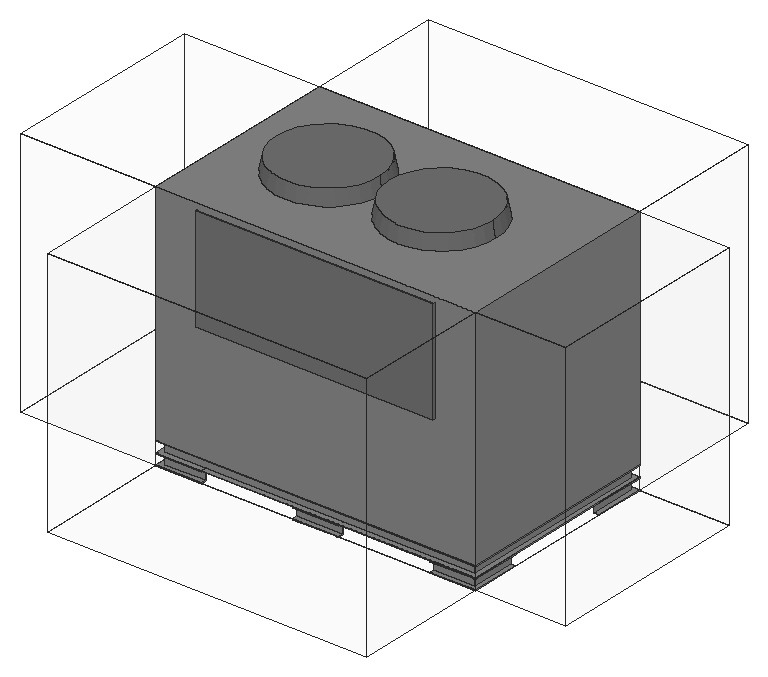
Revit family "Air Source 250", category Mechanical Equipment, Revit 2017
Family settings
  Round Connector Dimension = Use Diameter
  Part Type = Normal
  Work Plane-Based = No
  Always vertical = Yes
  Cut with Voids When Loaded = No
  Shared = No
  Room Calculation Point = No
Parameters (values of type "250 Axial")
  Water from Left = 75 1/2"
  Water Out from Bottom = 26 1/2"
  Water In from Bottom = 9 1/2"
  WATER CONN SIZE = 2"
  WEIGHT = "2,175"
  URL = "https://www.lochinvar.com/products/commercial-heat-pump-water-heaters/air-source-heat-pump-water-heaters/"
  UNIT WIDTH = 54 3/8"
  Unit Top Panel Depth = 1 5/8"
  UNIT LENGTH = 84 5/8"
  SES BIM Studio # = "21 0649 02"
  Model = ""
  Manufacturer = "Lochinvar"
  Lbs.R134a = "50"
  Fan Outer Dia = 29"
  Fan Inner Dia = Fan Outer Dia - 1 5/8"  # 27 3/8"
  Fan/Blower Depth = 3 7/8"
  Fans = yes
  FLOW RATE (GPM) = "50"
  Evap Top from Bottom = 64 1/2"
  Evap Right from Left = 10 7/8"
  Evap Left from Left = 73 3/4"
  Evap Bottom from Bottom = 37"
  Description = "Air Source Heat Pump Water Heater"
  Condensate from Left = 5 1/2"
  Condensate from Bottom = 16"
  Compressor Type = "Piston"
  CONDENSATE CONN SIZE = 2"
  Clearance Right = 24"
  Clearance Left = 36"
  Clearance Front = 36"
  Clearance Back = 36"
  Clearance [instance] = yes
  UNIT HEIGHT = 70"
  Blowers = no
  BTUH Heating = "272,450"
  BTUH Cooling = "218,000"
  Air Volume (CFM) = "8,000"
  575V/3PH/60HZ RLA = "40.9"
  575V/3PH/60HZ MOCP = "60"
  575V/3PH/60HZ MCA = "50"
  440V-480V/3PH/60HZ RLA = "49.1"
  440V-480V/3PH/60HZ MOCP = "70"
  440V-480V/3PH/60HZ MCA = "60"
  208V-230V/3PH/60HZ RLA = "95.4"
  208V-230V/3PH/60HZ MOCP = "125"
  208V-230V/3PH/60HZ MCA = "119"
  208V-230V/1PH/60HZ RLA = "-"
  208V-230V/1PH/60HZ MOCP = "-"
  208V-230V/1PH/60HZ MCA = "-"
Types (3): name | Model | Fan/Blower Depth | Fans | UNIT HEIGHT | Blowers | 575V/3PH/60HZ RLA | 575V/3PH/60HZ MCA | 440V-480V/3PH/60HZ RLA | 440V-480V/3PH/60HZ MCA | 208V-230V/3PH/60HZ RLA | 208V-230V/3PH/60HZ MOCP | 208V-230V/3PH/60HZ MCA
  (no name) | "" | 3 7/8" | yes | 70" | no | "40.9" | "50" | "49.1" | "60" | "95.4" | "125" | "119"
  250 Axial | "" | 3 7/8" | yes | 70" | no | "40.9" | "50" | "49.1" | "60" | "95.4" | "125" | "119"
  250 Blower | "AHP250" | 1 5/8" | no | 67 3/4" | yes | "44.2" | "54" | "52.8" | "65" | "106.2" | "150" | "129"
Reference planes (in)
  plane 1 "Unit Back": y = 0
  plane 2: z = 0
  plane 3 "Center (Left/Right)": x = 0
  plane 4 "Unit Left": x = -42.3125
  plane 5 "Unit Right": x = 42.3125
  plane 6 "Unit Front": y = -54.375
  plane 7 "Unit Top": z = 66.125
  plane 8 "Base Channels Top": z = 3
  plane 9: z = 26.5
  plane 10: z = 9.5
  plane 11: x = 33.1875
  plane 12: z = 64.5
  plane 13 "Evap Right": x = -31.4375
  plane 14 "Evap Left": x = 31.4375
  plane 15 "Evap Top": z = 64.5
  plane 16: x = 66.3125
  plane 17: x = -78.3125
  plane 18: y = 36
  plane 19: y = -90.375
  plane 20 "Fan/Blower Top": z = 70
  plane 21 "Unit Bottom": z = 6
  plane 22: z = 16
  plane 23: x = -36.8125
  plane 24 "Evap Bottom": z = 37
Forms (in)
  Extrusion 1, solid
    sketch origin (0, 0, 6) x (-1, 0, 0) y (0, -1, 0)
      loop
        line (42.3125, 0) -> (42.3125, 54.375) -> (-42.3125, 54.375) -> (-42.3125, 0) -> (42.3125, 0)
    from 0 to 60.125
  Extrusion 2, solid
    sketch origin (-42.3125, 0, 6) x (1, 0, 0) y (0, 0, -1)
      loop
        circle (75.5, -20.5) r 1
      loop
        circle (75.5, -3.5) r 1
    from 0 to 1.375
  Extrusion 3, solid, material "Electrical Panel"
    sketch origin (-42.3125, -29.03804, 1.50835) x (0, 1, 0) y (0, 0, -1)
      loop
        line (26.53804, -62.99165) -> (26.53804, -35.49165) -> (-22.83696, -35.49165) -> (-22.83696, -62.99165) -> (26.53804, -62.99165)
    from 0 to 0.5
  Extrusion 4, solid, material "Fan/Blower/Evaporator"
    sketch origin (-42.3125, 0, 6) x (1, 0, 0) y (0, 0, -1)
      loop
        line (73.75, -58.5) -> (73.75, -31) -> (10.875, -31) -> (10.875, -58.5) -> (73.75, -58.5)
    from 0 to 0.5
  Extrusion 5, solid, material "Controls Cover"
    sketch origin (-42.8125, -26.97554, -10.49165) x (0, 1, 0) y (0, 0, -1)
      loop
        line (-8.18171, -70.74165) -> (-7.08821, -69.64815) -> (-7.08821, -60.90015) -> (-8.18171, -59.80665) -> (-16.92971, -59.80665) -> (-18.02321, -60.90015) -> (-18.02321, -69.64815) -> (-16.92971, -70.74165) -> (-8.18171, -70.74165)
    from 0 to 0.5
  Extrusion 6, solid
    sketch origin (-11.86475, 0, 24.56896) x (1, 0, 0) y (0, 0, -1)
      loop
        circle (-24.94775, 8.56896) r 1
    from 0 to 1.375
  Extrusion 7, solid, material "Clearance", visible <- "Clearance"
    sketch origin (-69.375, 0, 0) x (1, 0, 0) y (0, 1, 0)
      loop
        line (-8.9375, 0) -> (-8.9375, -54.375) -> (27.0625, -54.375) -> (27.0625, 0) -> (-8.9375, 0)
    from 0 to 66.125
  Extrusion 8, solid, material "Clearance", visible <- "Clearance"
    sketch origin (0, 0, 0) x (1, 0, 0) y (0, 1, 0)
      loop
        line (42.3125, 0) -> (42.3125, -54.375) -> (66.3125, -54.375) -> (66.3125, 0) -> (42.3125, 0)
    from 0 to 66.125
  Extrusion 9, solid, material "Clearance", visible <- "Clearance"
    sketch origin (-45.375, 24, 0) x (1, 0, 0) y (0, 1, 0)
      loop
        line (3.0625, 12) -> (3.0625, -24) -> (87.6875, -24) -> (87.6875, 12) -> (3.0625, 12)
    from 0 to 66.125
  Extrusion 10, solid, material "Clearance", visible <- "Clearance"
    sketch origin (-45.375, -30, 0) x (1, 0, 0) y (0, 1, 0)
      loop
        line (3.0625, -24.375) -> (3.0625, -60.375) -> (87.6875, -60.375) -> (87.6875, -24.375) -> (3.0625, -24.375)
    from 0 to 66.125
  Blend 11, solid, material "Fan/Blower/Evaporator", visible <- "Fans"
    base sketch origin (1.76977, -12.98292, 66.125) x (-1, 0, 0) y (0, -1, 0)
      loop
        circle (20.20727, 14.20458) r 14.5
    top sketch origin (1.76977, -12.98292, 66.125) x (-1, 0, 0) y (0, -1, 0)
      loop
        circle (20.20727, 14.20458) r 13.6875
    from 0 to 3.875
  Blend 12, solid, material "Fan/Blower/Evaporator", visible <- "Fans"
    base sketch origin (31.76977, -12.98292, 66.125) x (-1, 0, 0) y (0, -1, 0)
      loop
        circle (20.20727, 14.20458) r 14.5
    top sketch origin (31.76977, -12.98292, 66.125) x (-1, 0, 0) y (0, -1, 0)
      loop
        circle (20.20727, 14.20458) r 13.6875
    from 0 to 3.875
  Sweep 13, solid
    path origin (0, 0, 0) x (1, 0, 0) y (0, 1, 0)
      loop
        line (-42.3125, -13.375) -> (-42.3125, 0) -> (-30.3125, 0)
    profile origin (-36.3125, 0, 0) x (0, 1, 0) y (0, 0, 1)
      loop
        line (0, 0) -> (0, 0.1875) -> (-1.3125, 0.1875) -> (-1.3125, 2.8125) -> (0, 2.8125) -> (0, 3) -> (-1.5, 3) -> (-1.5, 0) -> (0, 0)
  Sweep 14, solid
    path origin (0, 0, 3) x (-1, 0, 0) y (0, -1, 0)
      loop
        line (42.3125, 0) -> (42.3125, 54.375) -> (-42.3125, 54.375) -> (-42.3125, 0) -> (42.3125, 0)
    profile origin (0, 0, 3) x (0, 1, 0) y (0, 0, 1)
      loop
        line (0, 0) -> (0, 0.1875) -> (-1.3125, 0.1875) -> (-1.3125, 2.8125) -> (0, 2.8125) -> (0, 3) -> (-1.5, 3) -> (-1.5, 0) -> (0, 0)
  Sweep 15, solid
    path origin (0, 0, 0) x (-1, 0, 0) y (0, 1, 0)
      loop
        line (-42.3125, -13.375) -> (-42.3125, 0) -> (-30.3125, 0)
    profile origin (36.3125, 0, 0) x (0, -1, 0) y (0, 0, 1)
      loop
        line (0, 0) -> (1.5, 0) -> (1.5, 3) -> (0, 3) -> (0, 2.8125) -> (1.3125, 2.8125) -> (1.3125, 0.1875) -> (0, 0.1875) -> (0, 0)
  Sweep 16, solid
    path origin (0, -54.375, 0) x (1, 0, 0) y (0, -1, 0)
      loop
        line (-42.3125, -13.375) -> (-42.3125, 0) -> (-30.3125, 0)
    profile origin (-36.3125, -54.375, 0) x (0, 1, 0) y (0, 0, 1)
      loop
        line (0, 0) -> (1.5, 0) -> (1.5, 3) -> (0, 3) -> (0, 2.8125) -> (1.3125, 2.8125) -> (1.3125, 0.1875) -> (0, 0.1875) -> (0, 0)
  Sweep 17, solid
    path origin (0, -54.375, 0) x (-1, 0, 0) y (0, -1, 0)
      loop
        line (-42.3125, -13.375) -> (-42.3125, 0) -> (-30.3125, 0)
    profile origin (36.3125, -54.375, 0) x (0, -1, 0) y (0, 0, 1)
      loop
        line (0, 0) -> (0, 0.1875) -> (-1.3125, 0.1875) -> (-1.3125, 2.8125) -> (0, 2.8125) -> (0, 3) -> (-1.5, 3) -> (-1.5, 0) -> (0, 0)
  Sweep 18, solid
    path origin (19.0625, 0, 0) x (1, 0, 0) y (0, 1, 0)
      loop
        line (-13.0625, 0) -> (-25.0625, 0)
    profile origin (0, 0, 0) x (0, -1, 0) y (0, 0, 1)
      loop
        line (0, 0) -> (1.5, 0) -> (1.5, 3) -> (0, 3) -> (0, 2.8125) -> (1.3125, 2.8125) -> (1.3125, 0.1875) -> (0, 0.1875) -> (0, 0)
  Sweep 19, solid
    path origin (19.0625, -54.375, 0) x (1, 0, 0) y (0, 1, 0)
      loop
        line (-13.0625, 0) -> (-25.0625, 0)
    profile origin (0, -54.375, 0) x (0, -1, 0) y (0, 0, 1)
      loop
        line (0, 0) -> (0, 0.1875) -> (-1.3125, 0.1875) -> (-1.3125, 2.8125) -> (0, 2.8125) -> (0, 3) -> (-1.5, 3) -> (-1.5, 0) -> (0, 0)
  Extrusion 20, solid, material "Fan/Blower/Evaporator"
    sketch origin (33.4375, -54.375, 42.04455) x (-1, 0, 0) y (0, 0, -1)
      loop
        line (2, -22.45545) -> (64.875, -22.45545) -> (64.875, 5.04455) -> (2, 5.04455) -> (2, -22.45545)
    from 0 to 0.5
  Extrusion 21, solid, visible <- "Blowers"
    sketch origin (0, 0, 66.125) x (-1, 0, 0) y (0, -1, 0)
      loop
        line (27.5625, 20) -> (27.5625, 36) -> (11.9375, 36) -> (11.9375, 20) -> (27.5625, 20)
      loop
        line (-0.3125, 20) -> (-0.3125, 36) -> (-15.9375, 36) -> (-15.9375, 20) -> (-0.3125, 20)
    from 0 to 3.875
Lines and regions (in)
  model lines
    curve 1: line (42.3125, 0, 64.5) -> (-42.3125, 0, 64.5)
    curve 2: line (-42.3125, -54.375, 64.5) -> (42.3125, -54.375, 64.5)
    curve 3: line (-42.3125, 0, 64.5) -> (-42.3125, -54.375, 64.5)
    curve 4: line (42.3125, -54.375, 64.5) -> (42.3125, 0, 64.5)
    curve 5: line (-42.8125, -27.1875, 64.5) -> (-42.8125, -27.1875, 37)
    curve 6: line (-31.4375, 0, 37) -> (-31.4375, 0, 6)
    curve 7: line (31.4375, 0, 37) -> (31.4375, 0, 6)
    curve 8: line (-31.4375, -54.375, 37) -> (-31.4375, -54.375, 6)
    curve 9: line (31.4375, -54.375, 37) -> (31.4375, -54.375, 6)
    curve 10: line (-42.3125, -51.875, 37) -> (-42.3125, -51.875, 6)
    curve 11: line (-42.3125, -2.5, 37) -> (-42.3125, -2.5, 6)
    curve 12: line (42.3125, -51.875, 64.5) -> (42.3125, -51.875, 6)
    curve 13: line (42.3125, -2.5, 64.5) -> (42.3125, -2.5, 6)
    curve 14: line (42.3125, -51.875, 37) -> (42.3125, -2.5, 37)
Dimensions and locks (in)
  "UNIT WIDTH": plane 6 "Unit Front" to plane 1 "Unit Back"
  "Water from Left": plane 4 "Unit Left" to plane 11
  "Water In from Bottom": plane 2 to plane 10
  "Water Out from Bottom": plane 2 to plane 9
  "Evap Top from Bottom": plane 2 to plane 15 "Evap Top"
  "Evap Right from Left": plane 4 "Unit Left" to plane 13 "Evap Right"
  "Evap Left from Left": plane 4 "Unit Left" to plane 14 "Evap Left"
  "UNIT LENGTH": plane 4 "Unit Left" to plane 5 "Unit Right"
  equal spacing: plane 4 "Unit Left", plane 3 "Center (Left/Right)", plane 5 "Unit Right"
  "Unit Top Panel Depth": plane 7 "Unit Top" to plane 12
  "Clearance Back": plane 1 "Unit Back" to plane 18
  "Clearance Right": plane 5 "Unit Right" to plane 16
  "Clearance Front": plane 19 to plane 6 "Unit Front"
  "Clearance Left": plane 17 to plane 4 "Unit Left"
  plane 7 "Unit Top" to plane 2 = 66 1/8"
  "UNIT HEIGHT": plane 20 "Fan/Blower Top" to plane 2
  "Fan/Blower Depth": plane 7 "Unit Top" to plane 20 "Fan/Blower Top"
  "Condensate from Left": plane 4 "Unit Left" to plane 23
  "Condensate from Bottom": plane 2 to plane 22
  "Evap Bottom from Bottom": plane 2 to plane 24 "Evap Bottom"
  "WATER CONN SIZE": diameter of Extrusion 2 sketch curve  (x2)
  "CONDENSATE CONN SIZE": diameter of Extrusion 6 sketch curve
  "Fan Outer Dia": diameter of Blend 11 sketch curve
  "Fan Inner Dia": diameter of Blend 11 sketch curve
  "Fan Outer Dia": diameter of Blend 12 sketch curve
  "Fan Inner Dia": diameter of Blend 12 sketch curve
  aligned and locked: plane 2 to level
  aligned and locked: Extrusion 1 sketch curve to plane 4 "Unit Left"
  aligned and locked: plane 5 "Unit Right" to Extrusion 1 sketch curve
  aligned and locked: Extrusion 1 sketch curve to plane 6 "Unit Front"
  aligned and locked: plane 1 "Unit Back" to Extrusion 1 sketch curve
  aligned and locked: Extrusion 1 to plane 7 "Unit Top"
  aligned and locked: plane 9 to Extrusion 2 sketch curve
  aligned and locked: plane 10 to Extrusion 2 sketch curve
  aligned and locked: plane 11 to Extrusion 2 sketch curve  (x2)
  aligned and locked: plane 12 to curve 1
  aligned and locked: plane 12 to curve 2
  aligned and locked: plane 12 to curve 3
  aligned and locked: plane 12 to curve 4
  aligned and locked: Extrusion 4 sketch curve to plane 13 "Evap Right"
  aligned and locked: plane 15 "Evap Top" to Extrusion 4 sketch curve
  aligned and locked: Extrusion 4 sketch curve to plane 14 "Evap Left"
  aligned and locked: Extrusion 7 sketch curve to plane 1 "Unit Back"
  aligned and locked: Extrusion 7 sketch curve to plane 6 "Unit Front"
  aligned and locked: Extrusion 7 sketch curve to plane 17
  aligned and locked: plane 4 "Unit Left" to Extrusion 7 sketch curve
  aligned and locked: plane 1 "Unit Back" to Extrusion 8 sketch curve
  aligned and locked: plane 16 to Extrusion 8 sketch curve
  aligned and locked: Extrusion 8 sketch curve to plane 6 "Unit Front"
  aligned and locked: Extrusion 8 sketch curve to plane 5 "Unit Right"
  aligned and locked: Extrusion 1 to Extrusion 7
  aligned and locked: Extrusion 8 to Extrusion 1
  aligned and locked: plane 5 "Unit Right" to Extrusion 9 sketch curve
  aligned and locked: plane 18 to Extrusion 9 sketch curve
  aligned and locked: Extrusion 9 sketch curve to plane 4 "Unit Left"
  aligned and locked: Extrusion 9 sketch curve to plane 1 "Unit Back"
  aligned and locked: plane 6 "Unit Front" to Extrusion 10 sketch curve
  aligned and locked: Extrusion 10 sketch curve to plane 19
  aligned and locked: plane 5 "Unit Right" to Extrusion 10 sketch curve
  aligned and locked: Extrusion 10 sketch curve to plane 4 "Unit Left"
  aligned and locked: Extrusion 10 to Extrusion 1
  aligned and locked: Extrusion 9 to Extrusion 1
  aligned and locked: Blend 12 to plane 20 "Fan/Blower Top"
  aligned and locked: Blend 11 to Blend 12
  aligned and locked: plane 22 to Extrusion 6 sketch curve
  aligned and locked: plane 23 to Extrusion 6 sketch curve
  aligned and locked: plane 24 "Evap Bottom" to Extrusion 4
  aligned and locked: Extrusion 20 sketch curve to plane 15 "Evap Top"
  aligned and locked: plane 14 "Evap Left" to Extrusion 20 sketch curve
  aligned and locked: plane 13 "Evap Right" to Extrusion 20 sketch curve
  aligned and locked: plane 24 "Evap Bottom" to Extrusion 20 sketch curve
  aligned and locked: plane 15 "Evap Top" to Extrusion 3 sketch curve
  aligned and locked: Extrusion 3 sketch curve to plane 24 "Evap Bottom"
  aligned and locked: plane 24 "Evap Bottom" to curve 14
  aligned and locked: Extrusion 21 to plane 20 "Fan/Blower Top"
Automatic sketch dimensions
  plane 4 "Unit Left" to curve 2 = 0"
  plane 5 "Unit Right" to curve 2 = 0"
  curve 4 to plane 1 "Unit Back" = 0"
  curve 4 to plane 6 "Unit Front" = 0"
  plane 1 "Unit Back" to Sweep 13 sketch curve = 0"
  Sweep 13 sketch curve to plane 4 "Unit Left" = 0"
  Sweep 13 sketch curve to plane 13 "Evap Right" = 1 1/8"
  plane 1 "Unit Back" to Sweep 13 sketch curve = 13 3/8"
  Sweep 13 sketch curve to level = 0"
  Sweep 13 sketch curve to profile plane = 0"  (x2)
  profile plane to Sweep 13 sketch curve = 1 5/16"
  Sweep 13 sketch curve to Sweep 13 sketch curve = 3/16"  (x2)
  level to Sweep 13 sketch curve = 3/16"
  Sweep 13 sketch curve to Sweep 13 sketch curve = 2 5/8"
  plane 1 "Unit Back" to Sweep 14 sketch curve = 0"
  Sweep 14 sketch curve to plane 5 "Unit Right" = 0"
  Sweep 14 sketch curve to plane 4 "Unit Left" = 0"
  plane 6 "Unit Front" to Sweep 14 sketch curve = 0"
  Sweep 14 sketch curve to plane 8 "Base Channels Top" = 0"
  Sweep 14 sketch curve to profile plane = 0"  (x2)
  profile plane to Sweep 14 sketch curve = 1 5/16"
  Sweep 14 sketch curve to Sweep 14 sketch curve = 3/16"  (x2)
  plane 8 "Base Channels Top" to Sweep 14 sketch curve = 3/16"
  Sweep 14 sketch curve to Sweep 14 sketch curve = 2 5/8"
  plane 1 "Unit Back" to Sweep 15 sketch curve = 0"
  Sweep 15 sketch curve to plane 5 "Unit Right" = 0"
  Sweep 15 sketch curve to plane 14 "Evap Left" = 1 1/8"
  Sweep 15 sketch curve to plane 1 "Unit Back" = 13 3/8"
  Sweep 15 sketch curve to level = 0"
  Sweep 15 sketch curve to profile plane = 0"  (x2)
  Sweep 15 sketch curve to profile plane = 1 5/16"
  Sweep 15 sketch curve to Sweep 15 sketch curve = 3/16"  (x2)
  level to Sweep 15 sketch curve = 3/16"
  Sweep 15 sketch curve to Sweep 15 sketch curve = 2 5/8"
  Sweep 16 sketch curve to plane 4 "Unit Left" = 0"
  plane 6 "Unit Front" to Sweep 16 sketch curve = 0"
  plane 13 "Evap Right" to Sweep 16 sketch curve = 1 1/8"
  Sweep 16 sketch curve to Sweep 16 sketch curve = 13 3/8"
  Sweep 16 sketch curve to level = 0"
  Sweep 16 sketch curve to profile plane = 0"  (x2)
  Sweep 16 sketch curve to profile plane = 1 5/16"
  Sweep 16 sketch curve to Sweep 16 sketch curve = 3/16"  (x2)
  level to Sweep 16 sketch curve = 3/16"
  Sweep 16 sketch curve to Sweep 16 sketch curve = 2 5/8"
  Sweep 17 sketch curve to plane 5 "Unit Right" = 0"
  plane 6 "Unit Front" to Sweep 17 sketch curve = 0"
  plane 14 "Evap Left" to Sweep 17 sketch curve = 1 1/8"
  Sweep 17 sketch curve to plane 6 "Unit Front" = 13 3/8"
  Sweep 17 sketch curve to level = 0"
  Sweep 17 sketch curve to profile plane = 0"  (x2)
  profile plane to Sweep 17 sketch curve = 1 5/16"
  Sweep 17 sketch curve to Sweep 17 sketch curve = 3/16"  (x2)
  level to Sweep 17 sketch curve = 3/16"
  Sweep 17 sketch curve to Sweep 17 sketch curve = 2 5/8"
  plane 1 "Unit Back" to Sweep 18 sketch curve = 0"
  Sweep 18 sketch curve to plane 3 "Center (Left/Right)" = 6"
  plane 3 "Center (Left/Right)" to Sweep 18 sketch curve = 6"
  Sweep 18 sketch curve to profile plane = 0"  (x3)
  Sweep 18 sketch curve to profile plane = 1 5/16"
  Sweep 18 sketch curve to Sweep 18 sketch curve = 3/16"  (x2)
  profile plane to Sweep 18 sketch curve = 3/16"
  Sweep 18 sketch curve to Sweep 18 sketch curve = 2 5/8"
  plane 6 "Unit Front" to Sweep 19 sketch curve = 0"
  Sweep 19 sketch curve to plane 3 "Center (Left/Right)" = 6"
  plane 3 "Center (Left/Right)" to Sweep 19 sketch curve = 6"
  Sweep 19 sketch curve to profile plane = 0"  (x3)
  profile plane to Sweep 19 sketch curve = 1 5/16"
  Sweep 19 sketch curve to Sweep 19 sketch curve = 3/16"  (x2)
  profile plane to Sweep 19 sketch curve = 3/16"
  Sweep 19 sketch curve to Sweep 19 sketch curve = 2 5/8"
  curve 3 to plane 1 "Unit Back" = 0"
  curve 3 to plane 6 "Unit Front" = 0"
  plane 4 "Unit Left" to curve 1 = 0"
  plane 13 "Evap Right" to curve 6 = 0"
  plane 14 "Evap Left" to curve 7 = 0"
  plane 5 "Unit Right" to curve 1 = 0"
  curve 6 to plane 21 "Unit Bottom" = 0"
  curve 7 to plane 21 "Unit Bottom" = 0"
  curve 6 to plane 24 "Evap Bottom" = 0"
  curve 7 to plane 24 "Evap Bottom" = 0"
  Extrusion 3 sketch curve to Extrusion 1 = 2 1/2"
  Extrusion 1 to Extrusion 3 sketch curve = 2 1/2"
  Extrusion 4 sketch curve to Extrusion 4 sketch curve = 27 1/2"
  Extrusion 5 sketch curve to Extrusion 3 = 6.87625"
  Extrusion 5 sketch curve to Extrusion 5 sketch curve = 1.0935"  (x6)
  Extrusion 5 sketch curve to Extrusion 5 sketch curve = 8.748"  (x4)
  Extrusion 5 sketch curve to Extrusion 3 = 4 1/4"
  Extrusion 3 to curve 5 = 0"
  curve 5 to Extrusion 3 = 0"
  curve 5 to Extrusion 3 = 24 11/16"
  curve 9 to Extrusion 1 = 0"
  curve 8 to Extrusion 1 = 0"
  curve 9 to Extrusion 1 = 10 7/8"
  Extrusion 1 to curve 8 = 10 7/8"
  Extrusion 1 to curve 8 = 29 1/8"
  Extrusion 1 to curve 9 = 29 1/8"
  curve 10 to Extrusion 1 = 0"
  curve 11 to Extrusion 1 = 0"
  curve 10 to Extrusion 1 = 2 1/2"
  Extrusion 1 to curve 11 = 2 1/2"
  Extrusion 1 to curve 10 = 29 1/8"
  Extrusion 1 to curve 11 = 29 1/8"
  curve 13 to Extrusion 1 = 0"
  curve 12 to Extrusion 1 = 0"
  Extrusion 1 to curve 13 = 2 1/2"
  Extrusion 1 to curve 12 = 2 1/2"
  Extrusion 1 to curve 12 = 1 5/8"
  Extrusion 1 to curve 13 = 1 5/8"
  Extrusion 21 sketch curve to Extrusion 1 = 14 3/4"
  Extrusion 21 sketch curve to Extrusion 21 sketch curve = 15 5/8"  (x2)
  Extrusion 21 sketch curve to Extrusion 1 = 20"  (x2)
  Extrusion 21 sketch curve to Extrusion 21 sketch curve = 16"
  Extrusion 21 sketch curve to Extrusion 21 sketch curve = 0"
  Extrusion 21 sketch curve to Extrusion 21 sketch curve = 12 1/4"
  Blend 11 sketch curve to Extrusion 1 = 23 7/8"  (x2)
  Blend 11 sketch curve to Extrusion 1 = 27 3/16"  (x2)
  Blend 12 sketch curve to Extrusion 1 = 30 3/4"  (x2)
  Blend 12 sketch curve to Extrusion 1 = 27 3/16"  (x2)
Connectors (in)
  piping at (33.1875, 1.375, 9.5), diameter 2, driven by "WATER CONN SIZE"
    settings: on Extrusion 2, index 1, connector inside diameter 24", connector length 0", flow factor 0, pipe flow 0 GPM, pressure drop 0.00 psi, fitting loss kfactor 0, connector angle 0.00°, fixture units 0, engagement length 0", angle of deflection 0.00°, flow configuration 0, flow direction 1, fitting loss method 0, system type 29, joint type 0, gender type 0, connector reference index -1, connector utility 0, adjustable connector no, is connector primary yes, connector description "Water In"
  piping at (33.1875, 1.375, 26.5), diameter 2, driven by "WATER CONN SIZE"
    settings: on Extrusion 2, index 2, connector inside diameter 24", connector length 0", flow factor 0, pipe flow 0 GPM, pressure drop 0.00 psi, fitting loss kfactor 0, connector angle 0.00°, fixture units 0, engagement length 0", angle of deflection 0.00°, flow configuration 0, flow direction 2, fitting loss method 0, system type 29, joint type 0, gender type 0, connector reference index -1, connector utility 0, adjustable connector no, is connector primary no, connector description "Water Out"
  piping at (-36.8125, 1.375, 16), diameter 2, driven by "CONDENSATE CONN SIZE"
    settings: on Extrusion 6, index 3, connector inside diameter 24", connector length 0", flow factor 0, pipe flow 0 GPM, pressure drop 0.00 psi, fitting loss kfactor 0, connector angle 0.00°, fixture units 0, engagement length 0", angle of deflection 0.00°, flow configuration 0, flow direction 2, fitting loss method 0, system type 16, joint type 0, gender type 0, connector reference index -1, connector utility 0, adjustable connector no, is connector primary no, connector description "Condensate Drain"
